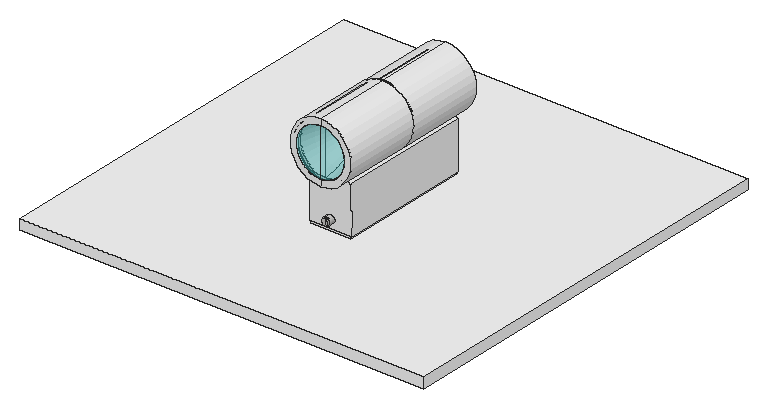
Revit family "BE_66649_de_DE", category Leuchten, Revit 2015
Parameters (values of type "BEGA_66649_Weiß_K4")
  built-in parameter 1150104 = 7.841 (stored number, unit not read)
  Wattage = 3.2 W
  Default Elevation = 0 mm
  built-in parameter 1150113 = 1 (stored number, unit not read)
  built-in parameter 1114218 = 1 (stored number, unit not read)
  Umgebungstemperatur = "25 °C"
  URL = "http://www.bega.de/produkt/66649"
  Typenkommentare = "© 2017 BEGA. Wir behalten uns das Recht vor, technische Änderungen ohne vorherige Ankündigung vorzunehmen."  # constant formula
  Type Image = 66649.png
  built-in parameter 1150134 = 12
  built-in parameter 1150109 = 1 (stored number, unit not read)
  Strom = ""
  built-in parameter 1150110 = 1 (stored number, unit not read)
  Spannung = 239.996 V
  Sonderanfertigung = no
  Seriennummer [instance] = "Hier können Sie die eindeutige Seriennummer für das Facility Management eintragen."
  Schutzklasse = "I"
  Schutzart = "IP 65"
  Scheinlast = 0 VA
  Produktdatenblatt = "http://www.bega.de/download/Xrfa/db/66649.db.de.pdf"
  Oberflächentemperatur = ""
  Neigungswinkel = 0.00°
  Modell = "66649WK4"
  Material_17 = BEGA_Reflektor
  Material_15 = BEGA_Leuchtmedium_matt
  Material_11 = BEGA_Glas_opal
  Material_09 = BEGA_Glas_klar
  Material_06 = BEGA_Oberfläche_Edelstahl_gebürstet
  Material_03 = BEGA_Oberfläche_Weiss_matt
  Material_02 = BEGA_Oberfläche_Silber_matt
  Material_01 [instance] = BEGA_Oberfläche_Grafit_matt
  M_W = yes
  M_G = no
  M_A = no
  Logo = 0
  built-in parameter 1114217 = 1 (stored number, unit not read)
  built-in parameter 1150139 = (empty or 0)
  built-in parameter 1150105 = 21.492 (stored number, unit not read)
  built-in parameter 1150114 = 1 (stored number, unit not read)
  Lumens = 270.08 lm
  built-in parameter 1150115 = 1 (stored number, unit not read)
  Leuchtenlichtstrom = "152 lm"
  Leuchtenanzahl = ""
  Lebensdauerkriterien = "L70 = 50.000 h"
  Lastklassifizierung = Beleuchtung
  built-in parameter 1150112 = 1 (stored number, unit not read)
  Lampenlichtstrom = "270 lm"
  Lampe = "LED 3.2 W"
  LED_Modulbezeichnung = "LED-0123/840"
  built-in parameter 1150142 = (empty or 0)
  Hersteller = "BEGA"  # constant formula
  Halbstreuwinkel = ""
  Gewicht = "0.75 kg"
  Gebrauchslageneinschränkung [instance] = ""
  Frequenz = "0/50-60 Hz"
  Farbwiedergabeindex = "Ra > 80"
  Farbtemperaturverschiebung bei Dämpfen der Lampe = <Keine Auswahl>
  Farbtemperatur = "4000 K"
  Color Filter = 16777215
  built-in parameter 1150133 = 10 (stored number, unit not read)
  Energieeffizienzklasse = "LED A++ - A"
  built-in parameter 1150137 = (empty or 0)
  built-in parameter 1150132 = (empty or 0)
  ENEC = ""
  Dimmbar [instance] = ""
  Datei für fotometrisches Netz = "BE_66649K4.IES"
  CE_Konformität = "ja"
  Bestellnummer = "66649WK4"
  Beschreibung_Sonderanfertigung = "Hier können Sie Informationen zur Sonderanfertigung eintragen."
  Beschreibung = "Wandleuchte"
  built-in parameter 1150106 = 0.21492 (stored number, unit not read)
  Befestigungsbohrung = "Ø 5,3 mm"
  Befestigungsabstand = "92 x 14 mm"
  Ballwurfsicher = ""
  BEGA_Intern_aus = yes
  BEGA_Intern_an = yes
  BEGA_Intern_Konstruktion = yes
  BEGA_Intern = yes
  BEGA_IES = yes
  BEGA_Dummy = no
  Anschlussleitung = ""
  Anschlussleistung [instance] = "4.6 W"
  Anschlusskasten = ""
  built-in parameter 1150107 = 4000 (stored number, unit not read)
  built-in parameter 1150102 = (empty or 0)
  built-in parameter 1150138 = (empty or 0)
  Aktualisierung = "2017-02-22T04:16:27"
  Abstand_zur_angestrahlten_Fläche [instance] = ""
  AC/DC = "AC/DC"
Types (6, lengths in mm): name | built-in parameter 1150104 | built-in parameter 1150134 | Modell | M_W | M_G | M_A | built-in parameter 1150105 | Lumens | Leuchtenlichtstrom | Lampenlichtstrom | LED_Modulbezeichnung | Farbtemperatur | Datei für fotometrisches Netz | Bestellnummer | built-in parameter 1150106 | built-in parameter 1150107
  BEGA_66649_Grafit_K4 | 7.841 (stored number, unit not read) | 12 | "66649K4" | no | yes | no | 21.492 (stored number, unit not read) | 270.08 lm | "152 lm" | "270 lm" | "LED-0123/840" | "4000 K" | "BE_66649K4.IES" | "66649K4" | 0.21492 (stored number, unit not read) | 4000 (stored number, unit not read)
  BEGA_66649_Weiß_K3 | 7.1164 (stored number, unit not read) | (empty or 0) | "66649W" | yes | no | no | 19.506 (stored number, unit not read) | 245.12 lm | "138 lm" | "245 lm" | "LED-0123/830" | "3000 K" | "BE_66649.IES" | "66649W" | 0.19506 (stored number, unit not read) | 3000 (stored number, unit not read)
  BEGA_66649_Weiß_K4 | 7.841 (stored number, unit not read) | 12 | "66649WK4" | yes | no | no | 21.492 (stored number, unit not read) | 270.08 lm | "152 lm" | "270 lm" | "LED-0123/840" | "4000 K" | "BE_66649K4.IES" | "66649WK4" | 0.21492 (stored number, unit not read) | 4000 (stored number, unit not read)
  BEGA_66649_Grafit_K3 | 7.1164 (stored number, unit not read) | (empty or 0) | "66649" | no | yes | no | 19.506 (stored number, unit not read) | 245.12 lm | "138 lm" | "245 lm" | "LED-0123/830" | "3000 K" | "BE_66649.IES" | "66649" | 0.19506 (stored number, unit not read) | 3000 (stored number, unit not read)
  BEGA_66649_Silber_K3 | 7.1164 (stored number, unit not read) | (empty or 0) | "66649A" | no | no | yes | 19.506 (stored number, unit not read) | 245.12 lm | "138 lm" | "245 lm" | "LED-0123/830" | "3000 K" | "BE_66649.IES" | "66649A" | 0.19506 (stored number, unit not read) | 3000 (stored number, unit not read)
  BEGA_66649_Silber_K4 | 7.841 (stored number, unit not read) | 12 | "66649AK4" | no | no | yes | 21.492 (stored number, unit not read) | 270.08 lm | "152 lm" | "270 lm" | "LED-0123/840" | "4000 K" | "BE_66649K4.IES" | "66649AK4" | 0.21492 (stored number, unit not read) | 4000 (stored number, unit not read)
Reference planes
  plane 1 "Mitte (Vorne/Hinten)": y = 0
  plane 2: z = 0
  plane 3 "Mitte (Links/Rechts)": x = 0
  plane 4 "Links": x = -30
  plane 5 "Rechts": x = 30
  plane 6 "Unten": y = -78.1
  plane 7 "Oben": y = 76.5
  plane 8 "Vorne": z = 105.1
  plane 9 "Hinten": z = 0
Forms (mm)
  Extrusion 1, solid, material "BEGA_Platte_Weiss"
    sketch origin (0, -1119.2, 0) x (1, 0, 0) y (0, 1, 0)
      loop
        line (-200, 1319.2) -> (-200, 919.2) -> (200, 919.2) -> (200, 1319.2) -> (-200, 1319.2)
    from 0 to -10
  Extrusion 2, solid, material "BEGA_Dummy_matt", visible <- "BEGA_Dummy"
    sketch origin (80.095, -76.023, 0) x (1, 0, 0) y (0, 1, 0)
      loop
        line (-110.095, 152.523) -> (-110.095, -2.077) -> (-50.095, -2.077) -> (-50.095, 152.523) -> (-110.095, 152.523)
    from 0 to 105.1
Dimensions and locks
  plane 1 "Mitte (Vorne/Hinten)" to Extrusion 1 = 200 mm
  aligned and locked: plane 2 to Extrusion 1
  aligned and locked: level to Extrusion 1
Nested families
  nested 1: "BE_66649" at (0, 0, 0) x (0, 1, 0) z (0, 0, 1), type "BE_66649"
Connectors
  electrical at (0, 0, 0), driven by "Lastklassifizierung", driven by "Spannung", driven by "Scheinlast"
    settings: index 1, voltage 239.996 V, apparent load 0 VA, apparent load phase1 0 VA, apparent load phase2 0 VA, apparent load phase3 0 VA, power factor 1, load classification "Beleuchtung", number of poles 1, system type 31, power factor state 1, is connector primary yes, connector utility no, sub classification motor no, connector description ""
Definition of nested family "BE_66649"
  Parameters (values of type "BE_66649")
    Default Elevation = 1 mm
    URL = "http://www.bega.de/de/produkt"
    Type Comments = "© 2015 BEGA. Wir behalten uns das Recht vor, technische Änderungen ohne vorherige Ankündigung vorzunehmen. "  # constant formula
    Type Image = (empty or 0)
    Material_17 = none
    Material_15 = none
    Material_11 = none
    Material_09 = none
    Material_06 = none
    Material_03 = none
    Material_02 = none
    Material_01 = none
    M_W = yes
    M_G = yes
    M_A = yes
    Länge_Platte = 200 mm  # constant formula
    Höhe_Platte = -10 mm  # constant formula
    Manufacturer = "BEGA"  # constant formula
    Breite_Platte = 200 mm  # constant formula
  Reference planes
    plane 1 "Mitte (Oben/Unten)": y = 0
    plane 2: z = 0
    plane 3 "Mitte (Links/Rechts)": x = 0
    plane 4 "Vorne": z = 105.1
    plane 5 "Links": x = -78.1
    plane 6 "Rechts": x = 76.5
    plane 7 "Unten": y = -30
    plane 8: y = 30
  Forms (mm)
    Extrusion 1, solid, detail levels medium
      sketch origin (0, 0, 0) x (1, 0, 0) y (0, 1, 0)
        loop
          line (-100, 100) -> (-100, -100) -> (100, -100) -> (100, 100) -> (-100, 100)
      from 0 to -10 <- "Höhe_Platte"
    Sweep 2, solid, material <- "Material_01", visible <- "M_G", detail levels medium+fine
      path origin (0, 0, 0) x (1, 0, 0) y (0, 1, 0)
        loop
          line (-66, 20.803) -> (-66, -20.803) -> (66, -20.803) -> (66, 20.803) -> (-66, 20.803)
      profile origin (-66, 0, 0) x (1, 0, 0) y (0, 0, 1)
        loop
          line (1, 0) -> (10.291, 0) -> (10.291, 11) -> (16.242, 11) -> (16.242, 13.03) -> (8.042, 13.03) -> (7.5, 2.5) -> (1.087, 2.5) -> (1, 0)
    Extrusion 3, solid, material <- "Material_01", visible <- "M_G", detail levels medium+fine
      sketch origin (0, 0, 0) x (0, 1, 0) y (0, 0, 1)
        loop
          line (-20, 48.5) -> (-20.803, 2.5) -> (-18.5, 2.5) -> (-16.84, 50.023)
          arc (-16.84, 50.023) -> (-17.264, 50.418) -> (-17.678, 50.822) r 25
          line (-17.678, 50.822) -> (-20, 48.5)
        loop
          line (20, 48.5) -> (17.678, 50.822)
          arc (17.678, 50.822) -> (17.264, 50.418) -> (16.84, 50.023) r 25
          line (16.84, 50.023) -> (18.5, 2.5) -> (20.803, 2.5) -> (20, 48.5)
      from -66 to 66
    Extrusion 4, solid, material <- "Material_01", visible <- "M_G", detail levels medium+fine
      sketch origin (0, 0, 0) x (0, 1, 0) y (0, 0, 1)
        loop
          line (-20, 48.5) -> (-20.803, 2.5) -> (20.803, 2.5) -> (20, 48.5) -> (17.678, 50.822)
          arc (17.678, 50.822) -> (0, 43.5) -> (-17.678, 50.822) r 25
          line (-17.678, 50.822) -> (-20, 48.5)
      from 63.123 to 66
    Extrusion 5, solid, material <- "Material_01", visible <- "M_G", detail levels medium+fine
      sketch origin (0, 0, 0) x (0, 1, 0) y (0, 0, -1)
        loop
          line (-20, -48.5) -> (-17.678, -50.822)
          arc (-17.678, -50.822) -> (0, -43.5) -> (17.678, -50.822) r 25
          line (17.678, -50.822) -> (20, -48.5) -> (20.803, -2.5) -> (-20.803, -2.5) -> (-20, -48.5)
      from 63.123 to 66
    Extrusion 6, solid, material <- "Material_01", visible <- "M_G", detail levels medium+fine
      sketch origin (0, 0, 0) x (1, 0, 0) y (0, 1, 0)
        loop
          line (-49.758, 4.561) -> (-49.758, -4.561) -> (49.758, -4.561) -> (49.758, 4.561) -> (-49.758, 4.561)
      from 11 to 13.03
    Revolve 7, solid, material <- "Material_01", visible <- "M_G", detail levels medium+fine
      sketch origin (0, 0, 0) x (1, 0, 0) y (0, 0, 1)
        loop
          line (-0.5, 105.1) -> (-0.5, 103.2) -> (-14.9, 103.2) -> (-14.9, 100.1) -> (72.5, 100.1) -> (72.5, 75.1) -> (76.5, 75.1) -> (76.5, 105.1) -> (-0.5, 105.1)
        axis (76.5, 75.1) -> (-14.9, 75.1)
      angle from 0 to 360
    Revolve 8, solid, material <- "Material_01", visible <- "M_G", detail levels medium+fine
      sketch origin (0, 0, 0) x (1, 0, 0) y (0, 0, 1)
        loop
          line (-1, 105.1) -> (-78.1, 105.1) -> (-78.1, 99.1) -> (-76.5, 99.1) -> (-76.5, 102.9) -> (-1, 102.9) -> (-1, 105.1)
        axis (-1, 75.1) -> (-78.1, 75.1)
      angle from 0 to 360
    Revolve 9, solid, material <- "Material_09", detail levels medium+fine
      sketch origin (0, 0, 0) x (1, 0, 0) y (0, 0, 1)
        loop
          line (-72.1, 102.6) -> (-76.1, 102.6) -> (-76.1, 98.85) -> (-78.1, 98.85) -> (-78.1, 75.1) -> (-72.1, 75.1) -> (-72.1, 102.6)
        axis (-78.1, 75.1) -> (-72.1, 75.1)
      angle from 0 to 360
    Revolve 10, solid, material <- "Material_17", detail levels medium+fine
      sketch origin (0, 0, 0) x (1, 0, 0) y (0, 0, 1)
        loop
          line (-71.3, 100.738) -> (-71.3, 102.6) -> (-72.1, 102.6) -> (-72.1, 100.063)
          arc (-72.1, 100.063) -> (-52.065, 94.728) -> (-33.6, 85.297) r 98.019
          line (-33.6, 85.297) -> (-33.189, 80.6) -> (-32.386, 80.6) -> (-32.838, 85.772)
          arc (-32.838, 85.772) -> (-51.273, 95.302) -> (-71.3, 100.738) r 98.019
        axis (-32.386, 75.1) -> (-72.1, 75.1)
      angle from 0 to 360
    Revolve 11, solid, material <- "Material_15", detail levels medium+fine
      sketch origin (0, 0, 0) x (1, 0, 0) y (0, 0, 1)
        loop
          line (-28.4, 79.384) -> (-29.195, 79.384) -> (-29.195, 75.1) -> (-28.4, 75.1) -> (-28.4, 79.384)
        axis (-29.195, 75.1) -> (-28.195, 75.1)
      angle from 0 to 360
    Revolve 12, solid, material <- "Material_06", detail levels fine
      sketch origin (0, 0, 0) x (1, 0, 0) y (0, 0, 1)
        loop
          line (-71.201, 14.942) -> (-71.201, 14) -> (-72.731, 14) -> (-72.731, 11) -> (-65.248, 11) -> (-65.248, 15.1) -> (-71.201, 14.942)
        axis (-72.731, 11) -> (-65.248, 11)
      angle from 0 to 360
    Extrusion 13, void
      sketch origin (0, 0, 0) x (1, 0, 0) y (0, 1, 0)
        loop
          circle (-22, 0) r 8.5
        loop
          circle (-46, 7) r 2.645
        loop
          circle (46, -7) r 2.645
      from 0 to 19.327
    Sweep 14, solid, material <- "Material_02", visible <- "M_A", detail levels medium+fine
      path origin (0, 0, 0) x (1, 0, 0) y (0, 1, 0)
        loop
          line (-66, 20.803) -> (-66, -20.803) -> (66, -20.803) -> (66, 20.803) -> (-66, 20.803)
      profile origin (-66, 0, 0) x (1, 0, 0) y (0, 0, 1)
        loop
          line (1, 0) -> (10.291, 0) -> (10.291, 11) -> (16.242, 11) -> (16.242, 13.03) -> (8.042, 13.03) -> (7.5, 2.5) -> (1.087, 2.5) -> (1, 0)
    Extrusion 15, solid, material <- "Material_02", visible <- "M_A", detail levels medium+fine
      sketch origin (0, 0, 0) x (1, 0, 0) y (0, 1, 0)
        loop
          line (-49.758, 4.561) -> (-49.758, -4.561) -> (49.758, -4.561) -> (49.758, 4.561) -> (-49.758, 4.561)
      from 11 to 13.03
    Sweep 16, solid, material <- "Material_03", visible <- "M_W", detail levels medium+fine
      path origin (0, 0, 0) x (1, 0, 0) y (0, 1, 0)
        loop
          line (-66, 20.803) -> (-66, -20.803) -> (66, -20.803) -> (66, 20.803) -> (-66, 20.803)
      profile origin (-66, 0, 0) x (1, 0, 0) y (0, 0, 1)
        loop
          line (1, 0) -> (10.291, 0) -> (10.291, 11) -> (16.242, 11) -> (16.242, 13.03) -> (8.042, 13.03) -> (7.5, 2.5) -> (1.087, 2.5) -> (1, 0)
    Extrusion 17, solid, material <- "Material_03", visible <- "M_W", detail levels medium+fine
      sketch origin (0, 0, 0) x (1, 0, 0) y (0, 1, 0)
        loop
          line (-49.758, 4.561) -> (-49.758, -4.561) -> (49.758, -4.561) -> (49.758, 4.561) -> (-49.758, 4.561)
      from 11 to 13.03
    Extrusion 18, solid, material <- "Material_02", visible <- "M_A", detail levels medium+fine
      sketch origin (0, 0, 0) x (0, 1, 0) y (0, 0, 1)
        loop
          line (-20, 48.5) -> (-20.803, 2.5) -> (-18.5, 2.5) -> (-16.84, 50.023)
          arc (-16.84, 50.023) -> (-17.264, 50.418) -> (-17.678, 50.822) r 25
          line (-17.678, 50.822) -> (-20, 48.5)
        loop
          line (20, 48.5) -> (17.678, 50.822)
          arc (17.678, 50.822) -> (17.264, 50.418) -> (16.84, 50.023) r 25
          line (16.84, 50.023) -> (18.5, 2.5) -> (20.803, 2.5) -> (20, 48.5)
      from -66 to 66
    Extrusion 19, solid, material <- "Material_02", visible <- "M_A", detail levels medium+fine
      sketch origin (0, 0, 0) x (0, 1, 0) y (0, 0, 1)
        loop
          line (-20, 48.5) -> (-20.803, 2.5) -> (20.803, 2.5) -> (20, 48.5) -> (17.678, 50.822)
          arc (17.678, 50.822) -> (0, 43.5) -> (-17.678, 50.822) r 25
          line (-17.678, 50.822) -> (-20, 48.5)
      from 63.123 to 66
    Extrusion 20, solid, material <- "Material_02", visible <- "M_A", detail levels medium+fine
      sketch origin (0, 0, 0) x (0, 1, 0) y (0, 0, -1)
        loop
          line (-20, -48.5) -> (-17.678, -50.822)
          arc (-17.678, -50.822) -> (0, -43.5) -> (17.678, -50.822) r 25
          line (17.678, -50.822) -> (20, -48.5) -> (20.803, -2.5) -> (-20.803, -2.5) -> (-20, -48.5)
      from 63.123 to 66
    Extrusion 21, solid, material <- "Material_03", visible <- "M_W", detail levels medium+fine
      sketch origin (0, 0, 0) x (0, 1, 0) y (0, 0, 1)
        loop
          line (-20, 48.5) -> (-20.803, 2.5) -> (-18.5, 2.5) -> (-16.84, 50.023)
          arc (-16.84, 50.023) -> (-17.264, 50.418) -> (-17.678, 50.822) r 25
          line (-17.678, 50.822) -> (-20, 48.5)
        loop
          line (20, 48.5) -> (17.678, 50.822)
          arc (17.678, 50.822) -> (17.264, 50.418) -> (16.84, 50.023) r 25
          line (16.84, 50.023) -> (18.5, 2.5) -> (20.803, 2.5) -> (20, 48.5)
      from -66 to 66
    Extrusion 22, solid, material <- "Material_03", visible <- "M_W", detail levels medium+fine
      sketch origin (0, 0, 0) x (0, 1, 0) y (0, 0, 1)
        loop
          line (-20, 48.5) -> (-20.803, 2.5) -> (20.803, 2.5) -> (20, 48.5) -> (17.678, 50.822)
          arc (17.678, 50.822) -> (0, 43.5) -> (-17.678, 50.822) r 25
          line (-17.678, 50.822) -> (-20, 48.5)
      from 63.123 to 66
    Extrusion 23, solid, material <- "Material_03", visible <- "M_W", detail levels medium+fine
      sketch origin (0, 0, 0) x (0, 1, 0) y (0, 0, -1)
        loop
          line (-20, -48.5) -> (-17.678, -50.822)
          arc (-17.678, -50.822) -> (0, -43.5) -> (17.678, -50.822) r 25
          line (17.678, -50.822) -> (20, -48.5) -> (20.803, -2.5) -> (-20.803, -2.5) -> (-20, -48.5)
      from 63.123 to 66
    Revolve 24, solid, material <- "Material_02", visible <- "M_A", detail levels medium+fine
      sketch origin (0, 0, 0) x (1, 0, 0) y (0, 0, 1)
        loop
          line (-0.5, 105.1) -> (-0.5, 103.2) -> (-14.9, 103.2) -> (-14.9, 100.1) -> (72.5, 100.1) -> (72.5, 75.1) -> (76.5, 75.1) -> (76.5, 105.1) -> (-0.5, 105.1)
        axis (76.5, 75.1) -> (-14.9, 75.1)
      angle from 0 to 360
    Revolve 25, solid, material <- "Material_02", visible <- "M_A", detail levels medium+fine
      sketch origin (0, 0, 0) x (1, 0, 0) y (0, 0, 1)
        loop
          line (-1, 105.1) -> (-78.1, 105.1) -> (-78.1, 99.1) -> (-76.5, 99.1) -> (-76.5, 102.9) -> (-1, 102.9) -> (-1, 105.1)
        axis (-1, 75.1) -> (-78.1, 75.1)
      angle from 0 to 360
    Revolve 26, solid, material <- "Material_03", visible <- "M_W", detail levels medium+fine
      sketch origin (0, 0, 0) x (1, 0, 0) y (0, 0, 1)
        loop
          line (-0.5, 105.1) -> (-0.5, 103.2) -> (-14.9, 103.2) -> (-14.9, 100.1) -> (72.5, 100.1) -> (72.5, 75.1) -> (76.5, 75.1) -> (76.5, 105.1) -> (-0.5, 105.1)
        axis (76.5, 75.1) -> (-14.9, 75.1)
      angle from 0 to 360
    Revolve 27, solid, material <- "Material_03", visible <- "M_W", detail levels medium+fine
      sketch origin (0, 0, 0) x (1, 0, 0) y (0, 0, 1)
        loop
          line (-1, 105.1) -> (-78.1, 105.1) -> (-78.1, 99.1) -> (-76.5, 99.1) -> (-76.5, 102.9) -> (-1, 102.9) -> (-1, 105.1)
        axis (-1, 75.1) -> (-78.1, 75.1)
      angle from 0 to 360
  Cuts and joins
    joined: Extrusion 3, Extrusion 4, Extrusion 5
    Extrusion 13 cuts Sweep 2
    Extrusion 13 cuts Extrusion 6
    joined: Sweep 2, Extrusion 6
    Extrusion 13 cuts Revolve 7
    Extrusion 13 cuts Revolve 8
    Extrusion 13 cuts Revolve 10
    Extrusion 13 cuts Sweep 14
    Extrusion 13 cuts Extrusion 15
    joined: Sweep 14, Extrusion 15
    Extrusion 13 cuts Sweep 16
    Extrusion 13 cuts Extrusion 17
    joined: Sweep 16, Extrusion 17
    joined: Extrusion 18, Extrusion 19, Extrusion 20
    joined: Extrusion 21, Extrusion 22, Extrusion 23
  Dimensions and locks
    equal spacing: Extrusion 1 sketch curve, plane 3 "Mitte (Links/Rechts)", Extrusion 1 sketch curve
    equal spacing: Extrusion 1 sketch curve, plane 1 "Mitte (Oben/Unten)", Extrusion 1 sketch curve
    "Länge_Platte": Extrusion 1 sketch curve to Extrusion 1 sketch curve
    "Breite_Platte": Extrusion 1 sketch curve to Extrusion 1 sketch curve
    aligned and locked: Extrusion 1 to plane 2
    aligned and locked: level to Extrusion 1
  Automatic sketch dimensions
    plane 1 "Mitte (Oben/Unten)" to Sweep 2 sketch curve = 20.803 mm
    Sweep 2 sketch curve to plane 3 "Mitte (Links/Rechts)" = 66 mm
    plane 3 "Mitte (Links/Rechts)" to Sweep 2 sketch curve = 66 mm
    Sweep 2 sketch curve to plane 1 "Mitte (Oben/Unten)" = 20.803 mm
    Extrusion 3 sketch curve to Extrusion 3 sketch curve = 0 mm  (x3)
    Extrusion 3 sketch curve to plane 1 "Mitte (Oben/Unten)" = 0 mm
    plane 1 "Mitte (Oben/Unten)" to Extrusion 3 sketch curve = 16.84 mm
    Extrusion 3 sketch curve to Extrusion 3 sketch curve = 0.837 mm  (x2)
    level to Extrusion 3 sketch curve = 2.5 mm  (x2)
    plane 1 "Mitte (Oben/Unten)" to Extrusion 3 sketch curve = 18.5 mm
    Extrusion 3 sketch curve to Extrusion 3 sketch curve = 2.322 mm  (x2)
    Extrusion 3 sketch curve to Extrusion 3 sketch curve = 2.303 mm  (x2)
    Extrusion 3 sketch curve to plane 1 "Mitte (Oben/Unten)" = 16.84 mm
    Extrusion 3 sketch curve to plane 1 "Mitte (Oben/Unten)" = 18.5 mm
    Extrusion 3 sketch curve to Extrusion 3 sketch curve = 46 mm
    Extrusion 3 sketch curve to Extrusion 3 sketch curve = 1.523 mm  (x2)
    Extrusion 3 sketch curve to Extrusion 3 sketch curve = 0.799 mm
    Extrusion 4 sketch curve to plane 1 "Mitte (Oben/Unten)" = 0 mm
    plane 1 "Mitte (Oben/Unten)" to Extrusion 4 sketch curve = 17.678 mm
    Extrusion 4 sketch curve to Extrusion 4 sketch curve = 2.322 mm  (x3)
    level to Extrusion 4 sketch curve = 2.5 mm
    plane 1 "Mitte (Oben/Unten)" to Extrusion 4 sketch curve = 20.803 mm
    Extrusion 4 sketch curve to plane 1 "Mitte (Oben/Unten)" = 17.678 mm
    Extrusion 4 sketch curve to plane 1 "Mitte (Oben/Unten)" = 20.803 mm
    Extrusion 4 sketch curve to Extrusion 4 sketch curve = 46 mm
    Extrusion 4 sketch curve to Extrusion 4 sketch curve = 0 mm
    Extrusion 4 sketch curve to Extrusion 4 sketch curve = 17.678 mm
    Extrusion 5 sketch curve to plane 1 "Mitte (Oben/Unten)" = 0 mm
    plane 1 "Mitte (Oben/Unten)" to Extrusion 5 sketch curve = 17.678 mm
    Extrusion 5 sketch curve to Extrusion 5 sketch curve = 2.322 mm  (x3)
    level to Extrusion 5 sketch curve = 2.5 mm
    plane 1 "Mitte (Oben/Unten)" to Extrusion 5 sketch curve = 20.803 mm
    Extrusion 5 sketch curve to plane 1 "Mitte (Oben/Unten)" = 17.678 mm
    Extrusion 5 sketch curve to plane 1 "Mitte (Oben/Unten)" = 20.803 mm
    Extrusion 5 sketch curve to Extrusion 5 sketch curve = 46 mm
    Extrusion 5 sketch curve to Extrusion 5 sketch curve = 0 mm
    Extrusion 5 sketch curve to Extrusion 5 sketch curve = 17.678 mm
    Extrusion 6 sketch curve to plane 1 "Mitte (Oben/Unten)" = 4.561 mm
    plane 3 "Mitte (Links/Rechts)" to Extrusion 6 sketch curve = 49.758 mm
    Extrusion 6 sketch curve to plane 3 "Mitte (Links/Rechts)" = 49.758 mm
    plane 1 "Mitte (Oben/Unten)" to Extrusion 6 sketch curve = 4.561 mm
    Revolve 7 sketch curve to plane 3 "Mitte (Links/Rechts)" = 14.9 mm
    Revolve 7 sketch curve to plane 3 "Mitte (Links/Rechts)" = 0.5 mm
    plane 3 "Mitte (Links/Rechts)" to Revolve 7 sketch curve = 72.5 mm
    Revolve 7 sketch curve to Revolve 7 sketch curve = 4 mm
    level to Revolve 7 sketch curve = 75.1 mm
    Revolve 7 sketch curve to Revolve 7 sketch curve = 25 mm
    Revolve 7 sketch curve to Revolve 7 sketch curve = 3.1 mm
    Revolve 7 sketch curve to Revolve 7 sketch curve = 1.9 mm
    Revolve 7 sketch curve to Revolve 7 sketch curve = 0 mm  (x3)
    Revolve 8 sketch curve to plane 3 "Mitte (Links/Rechts)" = 78.1 mm
    Revolve 8 sketch curve to Revolve 8 sketch curve = 1.6 mm
    Revolve 8 sketch curve to plane 3 "Mitte (Links/Rechts)" = 1 mm
    level to Revolve 8 sketch curve = 99.1 mm
    Revolve 8 sketch curve to Revolve 8 sketch curve = 3.8 mm
    Revolve 8 sketch curve to Revolve 8 sketch curve = 2.2 mm
    Revolve 8 sketch curve to Revolve 8 sketch curve = 31.037 mm
    Revolve 8 sketch curve to Revolve 8 sketch curve = 3.963 mm
    Revolve 8 sketch curve to Revolve 8 sketch curve = 24 mm
    Revolve 9 sketch curve to plane 3 "Mitte (Links/Rechts)" = 78.1 mm
    Revolve 9 sketch curve to Revolve 9 sketch curve = 2 mm
    Revolve 9 sketch curve to Revolve 9 sketch curve = 4 mm
    level to Revolve 9 sketch curve = 75.1 mm
    Revolve 9 sketch curve to Revolve 9 sketch curve = 23.75 mm
    Revolve 9 sketch curve to Revolve 9 sketch curve = 3.75 mm
    Revolve 9 sketch curve to Revolve 9 sketch curve = 0 mm  (x3)
    level to Revolve 10 sketch curve = 3.209 mm
    Revolve 10 sketch curve to plane 3 "Mitte (Links/Rechts)" = 87.165 mm
    Revolve 10 sketch curve to Revolve 10 sketch curve = 0.348 mm
    Revolve 10 sketch curve to plane 3 "Mitte (Links/Rechts)" = 72.1 mm
    Revolve 10 sketch curve to Revolve 10 sketch curve = 0.8 mm
    Revolve 10 sketch curve to plane 3 "Mitte (Links/Rechts)" = 33.6 mm
    Revolve 10 sketch curve to Revolve 10 sketch curve = 0.411 mm
    Revolve 10 sketch curve to Revolve 10 sketch curve = 0.762 mm
    Revolve 10 sketch curve to Revolve 10 sketch curve = 0.803 mm
    Revolve 10 sketch curve to Revolve 10 sketch curve = 0.746 mm
    level to Revolve 10 sketch curve = 80.6 mm
    Revolve 10 sketch curve to Revolve 10 sketch curve = 4.697 mm
    Revolve 10 sketch curve to Revolve 10 sketch curve = 0.475 mm
    Revolve 10 sketch curve to Revolve 10 sketch curve = 1.862 mm
    Revolve 10 sketch curve to Revolve 10 sketch curve = 5.102 mm
    Revolve 10 sketch curve to Revolve 10 sketch curve = 1.086 mm
    Revolve 10 sketch curve to Revolve 10 sketch curve = 5.5 mm
    Revolve 11 sketch curve to plane 3 "Mitte (Links/Rechts)" = 29.195 mm
    Revolve 11 sketch curve to Revolve 11 sketch curve = 0.795 mm
    level to Revolve 11 sketch curve = 75.1 mm
    Revolve 11 sketch curve to Revolve 11 sketch curve = 4.284 mm
    Revolve 11 sketch curve to Revolve 11 sketch curve = 0 mm  (x3)
    level to Revolve 12 sketch curve = 14 mm
    Revolve 12 sketch curve to plane 3 "Mitte (Links/Rechts)" = 72.731 mm
    Revolve 12 sketch curve to Revolve 12 sketch curve = 1.53 mm
    Revolve 12 sketch curve to Revolve 12 sketch curve = 5.953 mm
    Revolve 12 sketch curve to Revolve 12 sketch curve = 3 mm
    Revolve 12 sketch curve to Revolve 12 sketch curve = 0.942 mm
    Revolve 12 sketch curve to Revolve 12 sketch curve = 4.1 mm
    Revolve 12 sketch curve to Revolve 12 sketch curve = 0 mm  (x3)
    Sweep 2 sketch curve to level = 0 mm
    Sweep 2 sketch curve to profile plane = 1 mm
    Sweep 2 sketch curve to profile plane = 1.087 mm
    level to Sweep 2 sketch curve = 2.5 mm
    Sweep 2 sketch curve to Sweep 2 sketch curve = 6.413 mm
    Sweep 2 sketch curve to profile plane = 8.042 mm
    Sweep 2 sketch curve to Sweep 2 sketch curve = 2.249 mm
    Sweep 2 sketch curve to Sweep 2 sketch curve = 5.951 mm
    level to Sweep 2 sketch curve = 11 mm
    Sweep 2 sketch curve to Sweep 2 sketch curve = 2.03 mm
    plane 1 "Mitte (Oben/Unten)" to Sweep 14 sketch curve = 20.803 mm
    Sweep 14 sketch curve to plane 3 "Mitte (Links/Rechts)" = 66 mm
    plane 3 "Mitte (Links/Rechts)" to Sweep 14 sketch curve = 66 mm
    Sweep 14 sketch curve to plane 1 "Mitte (Oben/Unten)" = 20.803 mm
    Sweep 14 sketch curve to level = 0 mm
    Sweep 14 sketch curve to profile plane = 1 mm
    Sweep 14 sketch curve to profile plane = 1.087 mm
    level to Sweep 14 sketch curve = 2.5 mm
    Sweep 14 sketch curve to Sweep 14 sketch curve = 6.413 mm
    Sweep 14 sketch curve to profile plane = 8.042 mm
    Sweep 14 sketch curve to Sweep 14 sketch curve = 2.249 mm
    Sweep 14 sketch curve to Sweep 14 sketch curve = 5.951 mm
    level to Sweep 14 sketch curve = 11 mm
    Sweep 14 sketch curve to Sweep 14 sketch curve = 2.03 mm
    Extrusion 15 sketch curve to plane 1 "Mitte (Oben/Unten)" = 4.561 mm
    Extrusion 15 sketch curve to plane 3 "Mitte (Links/Rechts)" = 49.758 mm
    plane 1 "Mitte (Oben/Unten)" to Extrusion 15 sketch curve = 4.561 mm
    plane 3 "Mitte (Links/Rechts)" to Extrusion 15 sketch curve = 49.758 mm
    plane 1 "Mitte (Oben/Unten)" to Sweep 16 sketch curve = 20.803 mm
    Sweep 16 sketch curve to plane 3 "Mitte (Links/Rechts)" = 66 mm
    plane 3 "Mitte (Links/Rechts)" to Sweep 16 sketch curve = 66 mm
    Sweep 16 sketch curve to plane 1 "Mitte (Oben/Unten)" = 20.803 mm
    Sweep 16 sketch curve to level = 0 mm
    Sweep 16 sketch curve to profile plane = 1 mm
    Sweep 16 sketch curve to profile plane = 1.087 mm
    level to Sweep 16 sketch curve = 2.5 mm
    Sweep 16 sketch curve to Sweep 16 sketch curve = 6.413 mm
    Sweep 16 sketch curve to profile plane = 8.042 mm
    Sweep 16 sketch curve to Sweep 16 sketch curve = 2.249 mm
    Sweep 16 sketch curve to Sweep 16 sketch curve = 5.951 mm
    level to Sweep 16 sketch curve = 11 mm
    Sweep 16 sketch curve to Sweep 16 sketch curve = 2.03 mm
    Extrusion 17 sketch curve to plane 1 "Mitte (Oben/Unten)" = 4.561 mm
    Extrusion 17 sketch curve to plane 3 "Mitte (Links/Rechts)" = 49.758 mm
    plane 1 "Mitte (Oben/Unten)" to Extrusion 17 sketch curve = 4.561 mm
    plane 3 "Mitte (Links/Rechts)" to Extrusion 17 sketch curve = 49.758 mm
    Extrusion 18 sketch curve to Extrusion 18 sketch curve = 0 mm  (x3)
    Extrusion 18 sketch curve to plane 1 "Mitte (Oben/Unten)" = 0 mm
    plane 1 "Mitte (Oben/Unten)" to Extrusion 18 sketch curve = 16.84 mm
    Extrusion 18 sketch curve to Extrusion 18 sketch curve = 0.837 mm  (x2)
    level to Extrusion 18 sketch curve = 2.5 mm  (x2)
    plane 1 "Mitte (Oben/Unten)" to Extrusion 18 sketch curve = 18.5 mm
    Extrusion 18 sketch curve to Extrusion 18 sketch curve = 2.322 mm  (x2)
    Extrusion 18 sketch curve to Extrusion 18 sketch curve = 2.303 mm  (x2)
    Extrusion 18 sketch curve to plane 1 "Mitte (Oben/Unten)" = 16.84 mm
    Extrusion 18 sketch curve to plane 1 "Mitte (Oben/Unten)" = 18.5 mm
    Extrusion 18 sketch curve to Extrusion 18 sketch curve = 46 mm
    Extrusion 18 sketch curve to Extrusion 18 sketch curve = 1.523 mm  (x2)
    Extrusion 18 sketch curve to Extrusion 18 sketch curve = 0.799 mm
    Extrusion 19 sketch curve to plane 1 "Mitte (Oben/Unten)" = 0 mm
    plane 1 "Mitte (Oben/Unten)" to Extrusion 19 sketch curve = 17.678 mm
    Extrusion 19 sketch curve to Extrusion 19 sketch curve = 2.322 mm  (x3)
    level to Extrusion 19 sketch curve = 2.5 mm
    plane 1 "Mitte (Oben/Unten)" to Extrusion 19 sketch curve = 20.803 mm
    Extrusion 19 sketch curve to plane 1 "Mitte (Oben/Unten)" = 17.678 mm
    Extrusion 19 sketch curve to plane 1 "Mitte (Oben/Unten)" = 20.803 mm
    Extrusion 19 sketch curve to Extrusion 19 sketch curve = 46 mm
    Extrusion 19 sketch curve to Extrusion 19 sketch curve = 0 mm
    Extrusion 19 sketch curve to Extrusion 19 sketch curve = 17.678 mm
    Extrusion 20 sketch curve to plane 1 "Mitte (Oben/Unten)" = 0 mm
    plane 1 "Mitte (Oben/Unten)" to Extrusion 20 sketch curve = 17.678 mm
    Extrusion 20 sketch curve to Extrusion 20 sketch curve = 2.322 mm  (x3)
    level to Extrusion 20 sketch curve = 2.5 mm
    plane 1 "Mitte (Oben/Unten)" to Extrusion 20 sketch curve = 20.803 mm
    Extrusion 20 sketch curve to plane 1 "Mitte (Oben/Unten)" = 17.678 mm
    Extrusion 20 sketch curve to plane 1 "Mitte (Oben/Unten)" = 20.803 mm
    Extrusion 20 sketch curve to Extrusion 20 sketch curve = 46 mm
    Extrusion 20 sketch curve to Extrusion 20 sketch curve = 0 mm
    Extrusion 20 sketch curve to Extrusion 20 sketch curve = 17.678 mm
    Extrusion 21 sketch curve to Extrusion 21 sketch curve = 0 mm  (x3)
    Extrusion 21 sketch curve to plane 1 "Mitte (Oben/Unten)" = 0 mm
    plane 1 "Mitte (Oben/Unten)" to Extrusion 21 sketch curve = 16.84 mm
    Extrusion 21 sketch curve to Extrusion 21 sketch curve = 0.837 mm  (x2)
    level to Extrusion 21 sketch curve = 2.5 mm  (x2)
    plane 1 "Mitte (Oben/Unten)" to Extrusion 21 sketch curve = 18.5 mm
    Extrusion 21 sketch curve to Extrusion 21 sketch curve = 2.322 mm  (x2)
    Extrusion 21 sketch curve to Extrusion 21 sketch curve = 2.303 mm  (x2)
    Extrusion 21 sketch curve to plane 1 "Mitte (Oben/Unten)" = 16.84 mm
    Extrusion 21 sketch curve to plane 1 "Mitte (Oben/Unten)" = 18.5 mm
    Extrusion 21 sketch curve to Extrusion 21 sketch curve = 46 mm
    Extrusion 21 sketch curve to Extrusion 21 sketch curve = 1.523 mm  (x2)
    Extrusion 21 sketch curve to Extrusion 21 sketch curve = 0.799 mm
    Extrusion 22 sketch curve to plane 1 "Mitte (Oben/Unten)" = 0 mm
    plane 1 "Mitte (Oben/Unten)" to Extrusion 22 sketch curve = 17.678 mm
    Extrusion 22 sketch curve to Extrusion 22 sketch curve = 2.322 mm  (x3)
    level to Extrusion 22 sketch curve = 2.5 mm
    plane 1 "Mitte (Oben/Unten)" to Extrusion 22 sketch curve = 20.803 mm
    Extrusion 22 sketch curve to plane 1 "Mitte (Oben/Unten)" = 17.678 mm
    Extrusion 22 sketch curve to plane 1 "Mitte (Oben/Unten)" = 20.803 mm
    Extrusion 22 sketch curve to Extrusion 22 sketch curve = 46 mm
    Extrusion 22 sketch curve to Extrusion 22 sketch curve = 0 mm
    Extrusion 22 sketch curve to Extrusion 22 sketch curve = 17.678 mm
    Extrusion 23 sketch curve to plane 1 "Mitte (Oben/Unten)" = 0 mm
    plane 1 "Mitte (Oben/Unten)" to Extrusion 23 sketch curve = 17.678 mm
    Extrusion 23 sketch curve to Extrusion 23 sketch curve = 2.322 mm  (x3)
    level to Extrusion 23 sketch curve = 2.5 mm
    plane 1 "Mitte (Oben/Unten)" to Extrusion 23 sketch curve = 20.803 mm
    Extrusion 23 sketch curve to plane 1 "Mitte (Oben/Unten)" = 17.678 mm
    Extrusion 23 sketch curve to plane 1 "Mitte (Oben/Unten)" = 20.803 mm
    Extrusion 23 sketch curve to Extrusion 23 sketch curve = 46 mm
    Extrusion 23 sketch curve to Extrusion 23 sketch curve = 0 mm
    Extrusion 23 sketch curve to Extrusion 23 sketch curve = 17.678 mm
    Revolve 24 sketch curve to plane 3 "Mitte (Links/Rechts)" = 14.9 mm
    Revolve 24 sketch curve to plane 3 "Mitte (Links/Rechts)" = 0.5 mm
    plane 3 "Mitte (Links/Rechts)" to Revolve 24 sketch curve = 72.5 mm
    Revolve 24 sketch curve to Revolve 24 sketch curve = 4 mm
    level to Revolve 24 sketch curve = 75.1 mm
    Revolve 24 sketch curve to Revolve 24 sketch curve = 25 mm
    Revolve 24 sketch curve to Revolve 24 sketch curve = 3.1 mm
    Revolve 24 sketch curve to Revolve 24 sketch curve = 1.9 mm
    Revolve 24 sketch curve to Revolve 24 sketch curve = 0 mm  (x3)
    Revolve 25 sketch curve to plane 3 "Mitte (Links/Rechts)" = 78.1 mm
    Revolve 25 sketch curve to Revolve 25 sketch curve = 1.6 mm
    Revolve 25 sketch curve to plane 3 "Mitte (Links/Rechts)" = 1 mm
    level to Revolve 25 sketch curve = 99.1 mm
    Revolve 25 sketch curve to Revolve 25 sketch curve = 3.8 mm
    Revolve 25 sketch curve to Revolve 25 sketch curve = 2.2 mm
    Revolve 25 sketch curve to Revolve 25 sketch curve = 31.037 mm
    Revolve 25 sketch curve to Revolve 25 sketch curve = 3.963 mm
    Revolve 25 sketch curve to Revolve 25 sketch curve = 24 mm
    Revolve 26 sketch curve to plane 3 "Mitte (Links/Rechts)" = 14.9 mm
    Revolve 26 sketch curve to plane 3 "Mitte (Links/Rechts)" = 0.5 mm
    plane 3 "Mitte (Links/Rechts)" to Revolve 26 sketch curve = 72.5 mm
    Revolve 26 sketch curve to Revolve 26 sketch curve = 4 mm
    level to Revolve 26 sketch curve = 75.1 mm
    Revolve 26 sketch curve to Revolve 26 sketch curve = 25 mm
    Revolve 26 sketch curve to Revolve 26 sketch curve = 3.1 mm
    Revolve 26 sketch curve to Revolve 26 sketch curve = 1.9 mm
    Revolve 26 sketch curve to Revolve 26 sketch curve = 0 mm  (x3)
    Revolve 27 sketch curve to plane 3 "Mitte (Links/Rechts)" = 78.1 mm
    Revolve 27 sketch curve to Revolve 27 sketch curve = 1.6 mm
    Revolve 27 sketch curve to plane 3 "Mitte (Links/Rechts)" = 1 mm
    level to Revolve 27 sketch curve = 99.1 mm
    Revolve 27 sketch curve to Revolve 27 sketch curve = 3.8 mm
    Revolve 27 sketch curve to Revolve 27 sketch curve = 2.2 mm
    Revolve 27 sketch curve to Revolve 27 sketch curve = 31.037 mm
    Revolve 27 sketch curve to Revolve 27 sketch curve = 3.963 mm
    Revolve 27 sketch curve to Revolve 27 sketch curve = 24 mm
    plane 1 "Mitte (Oben/Unten)" to Extrusion 13 sketch curve = 0 mm
    Extrusion 13 sketch curve to plane 1 "Mitte (Oben/Unten)" = 7 mm
    Extrusion 13 sketch curve to plane 3 "Mitte (Links/Rechts)" = 46 mm
    Extrusion 13 sketch curve to plane 3 "Mitte (Links/Rechts)" = 22 mm
    plane 1 "Mitte (Oben/Unten)" to Extrusion 13 sketch curve = 7 mm
    plane 3 "Mitte (Links/Rechts)" to Extrusion 13 sketch curve = 46 mm
    radius of Extrusion 13 sketch curve = 8.5 mm
    radius of Extrusion 13 sketch curve = 2.645 mm  (x2)
